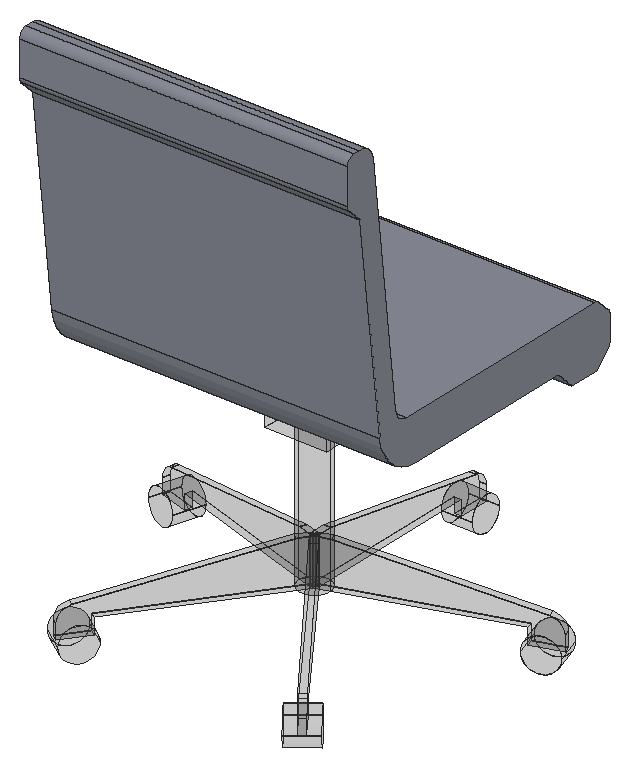
Revit family "21b58d843ba8451499628ccd90ec01f6", category Furniture, Revit 2021
Family settings
  OmniClass Number = 23.40.20.14.14.11
  OmniClass Title = Chairs
  Seek Item ID = Chair-Task-0000-USA-ENU
  Work Plane-Based = No
  Always vertical = Yes
  Cut with Voids When Loaded = No
  Shared = Yes
  Room Calculation Point = No
Parameters (values of type "Chair-Task")
  Default Elevation = 0' - 0"
  Assembly Code = "E2020200"
  Base Material = Plastic, Opaque Black
  Caster Material = Plastic, Opaque Black
  Seat/Back Material = Textile - Slate Blue
Reference planes (in)
  plane 1 "Center (Front/Back)": y = 0.7459
  plane 2: z = 0
  plane 3 "Center (Left/Right)": x = 5.55082
  plane 4: x = 18.05082
  plane 5: x = -6.94918
  plane 6: y = -12.7541
  plane 7: y = 14.2459
  plane 8: z = 35
  plane 9 "Seat": z = 18
  plane 10: y = -9.7541
  plane 11: z = 34
  plane 12: y = 11.2459
  plane 13: y = 10.2459
  plane 14: z = 17
  plane 15: y = -8.7541
  plane 16: z = 31
  plane 17: z = 14
  plane 18: x = 7.55082
  plane 19: x = 3.55082
Forms (in)
  Extrusion 1, solid, material "Textile - Slate Blue" <- "Seat/Back Material"
    sketch origin (-6.94918, 0, 0) x (0, -1, 0) y (0, 0, 1)
      loop
        arc (-10.03977, 18) -> (-10.23034, 17.96226) -> (-10.39214, 17.85473) r 0.5
        line (-10.39214, 17.85473) -> (-11.09827, 17.15331)
        arc (-11.09827, 17.15331) -> (-11.20752, 16.99069) -> (-11.2459, 16.79857) r 0.5
        line (-11.2459, 16.79857) -> (-11.2459, 15.41892)
        arc (-11.2459, 15.41892) -> (-11.17042, 15.03778) -> (-10.95537, 14.71418) r 1
        line (-10.95537, 14.71418) -> (-10.24595, 14) -> (-8.24595, 14) -> (-7.12892, 15.10959) -> (4.21689, 15.10959)
        arc (4.21689, 15.10959) -> (6.21043, 15.86776) -> (7.19634, 17.75907) r 3
        line (7.19634, 17.75907) -> (8.7541, 31) -> (9.60765, 31.85355)
        arc (9.60765, 31.85355) -> (9.71604, 32.01577) -> (9.7541, 32.20711) r 0.5
        line (9.7541, 32.20711) -> (9.7541, 34.5)
        arc (9.7541, 34.5) -> (9.60765, 34.85355) -> (9.2541, 35) r 0.5
        line (9.2541, 35) -> (8.7472, 35)
        arc (8.7472, 35) -> (8.08269, 34.74728) -> (7.75405, 34.11684) r 1
        line (7.75405, 34.11684) -> (5.96185, 18.88316)
        arc (5.96185, 18.88316) -> (5.63322, 18.25272) -> (4.9687, 18) r 1
        line (4.9687, 18) -> (-10.03977, 18)
    from -2 to -23
  Extrusion 2, solid, material "Plastic, Opaque Black" <- "Base Material"
    sketch origin (7.55082, 0, 0) x (0, -1, 0) y (0, 0, 1)
      loop
        line (0.7541, 15.10959) -> (-2.7459, 15.10959) -> (-2.7459, 14.60959) -> (-0.7459, 11.14549) -> (0.7541, 11.14549) -> (0.7541, 15.10959)
    from 0 to 4
  Extrusion 3, solid, material "Plastic, Opaque Black" <- "Base Material"
    sketch origin (5.55082, 0, 0) x (0, 1, 0) y (0, 0, 1)
      loop
        line (0.7459, 2.10959) -> (12.2459, 2.10959) -> (12.2459, 1.10959) -> (14.2459, 1.10959) -> (14.2459, 2.0664)
        arc (14.2459, 2.0664) -> (14.01195, 2.70919) -> (13.41955, 3.05121) r 1
        line (13.41955, 3.05121) -> (1.7459, 5.10959) -> (0.7459, 5.10959) -> (0.7459, 2.10959)
    from 0.25 to -0.25
  Extrusion 4, solid, material "Plastic, Opaque Black" <- "Caster Material"
    sketch origin (5.55082, 0, 0) x (0, 1, 0) y (0, 0, 1)
      loop
        circle (13.2459, 1.10959) r 1.11025
    from 1 to -1
  Extrusion 5, solid, material "Plastic, Opaque Black" <- "Base Material"
    sketch origin (6.26021, 0.51541, 0) x (-0.951057, 0.309017, 0) y (0, 0, 1)
      loop
        line (0.7459, 2.10959) -> (12.2459, 2.10959) -> (12.2459, 1.10959) -> (14.2459, 1.10959) -> (14.2459, 2.0664)
        arc (14.2459, 2.0664) -> (14.01195, 2.70919) -> (13.41955, 3.05121) r 1
        line (13.41955, 3.05121) -> (1.7459, 5.10959) -> (0.7459, 5.10959) -> (0.7459, 2.10959)
    from 0.25 to -0.25
  Extrusion 6, solid, material "Plastic, Opaque Black" <- "Caster Material"
    sketch origin (6.26021, 0.51541, 0) x (-0.951057, 0.309017, 0) y (0, 0, 1)
      loop
        circle (13.2459, 1.10959) r 1.11025
    from 1 to -1
  Extrusion 7, solid, material "Plastic, Opaque Black" <- "Base Material"
    sketch origin (5.98925, 1.34935, 0) x (-0.587785, -0.809017, 0) y (0, 0, 1)
      loop
        line (0.7459, 2.10959) -> (12.2459, 2.10959) -> (12.2459, 1.10959) -> (14.2459, 1.10959) -> (14.2459, 2.0664)
        arc (14.2459, 2.0664) -> (14.01195, 2.70919) -> (13.41955, 3.05121) r 1
        line (13.41955, 3.05121) -> (1.7459, 5.10959) -> (0.7459, 5.10959) -> (0.7459, 2.10959)
    from 0.25 to -0.25
  Extrusion 8, solid, material "Plastic, Opaque Black" <- "Caster Material"
    sketch origin (5.98925, 1.34935, 0) x (-0.587785, -0.809017, 0) y (0, 0, 1)
      loop
        circle (13.2459, 1.10959) r 1.11025
    from 1 to -1
  Extrusion 9, solid, material "Plastic, Opaque Black" <- "Base Material"
    sketch origin (5.11239, 1.34935, 0) x (0.587785, -0.809017, 0) y (0, 0, 1)
      loop
        line (0.7459, 2.10959) -> (12.2459, 2.10959) -> (12.2459, 1.10959) -> (14.2459, 1.10959) -> (14.2459, 2.0664)
        arc (14.2459, 2.0664) -> (14.01195, 2.70919) -> (13.41955, 3.05121) r 1
        line (13.41955, 3.05121) -> (1.7459, 5.10959) -> (0.7459, 5.10959) -> (0.7459, 2.10959)
    from 0.25 to -0.25
  Extrusion 10, solid, material "Plastic, Opaque Black" <- "Caster Material"
    sketch origin (5.11239, 1.34935, 0) x (0.587785, -0.809017, 0) y (0, 0, 1)
      loop
        circle (13.2459, 1.10959) r 1.11025
    from 1 to -1
  Extrusion 11, solid, material "Plastic, Opaque Black" <- "Base Material"
    sketch origin (4.84143, 0.51541, 0) x (0.951057, 0.309017, 0) y (0, 0, 1)
      loop
        line (0.7459, 2.10959) -> (12.2459, 2.10959) -> (12.2459, 1.10959) -> (14.2459, 1.10959) -> (14.2459, 2.0664)
        arc (14.2459, 2.0664) -> (14.01195, 2.70919) -> (13.41955, 3.05121) r 1
        line (13.41955, 3.05121) -> (1.7459, 5.10959) -> (0.7459, 5.10959) -> (0.7459, 2.10959)
    from 0.25 to -0.25
  Extrusion 12, solid, material "Plastic, Opaque Black" <- "Caster Material"
    sketch origin (4.84143, 0.51541, 0) x (0.951057, 0.309017, 0) y (0, 0, 1)
      loop
        circle (13.2459, 1.10959) r 1.11025
    from 1 to -1
  Extrusion 13, solid, material "Plastic, Opaque Black" <- "Base Material"
    sketch origin (0, 0, 0) x (1, 0, 0) y (0, 1, 0)
      loop
        circle (5.55082, 0.7459) r 1
    from 2.10959 to 15.125
Lines and regions (in)
  Masking region 1
    outline origin (0, 0, 18) x (0, -1, 0) y (1, 0, 0)
      loop
        line (-11.09827, -5.19918) -> (8.7541, -5.19918)
        arc (8.7541, -5.19918) -> (9.46121, -4.90629) -> (9.7541, -4.19918) r 1
        line (9.7541, -4.19918) -> (9.7541, 15.30082)
        arc (9.7541, 15.30082) -> (9.46121, 16.00793) -> (8.7541, 16.30082) r 1
        line (8.7541, 16.30082) -> (-11.09827, 16.30082) -> (-11.09827, -5.19918)
  symbolic lines
    curve 1: line (-4.94918, -8.7541, 18) -> (-4.94918, -6.9687, 18)
    curve 2: line (-2.94918, -4.9687, 18) -> (14.05082, -4.9687, 18)
    curve 3: line (16.05082, -8.7541, 18) -> (16.05082, -6.9687, 18)
    curve 4: arc (-2.94918, -4.9687, 18) -> (-4.36339, -5.55449, 18) -> (-4.94918, -6.9687, 18) r 2
    curve 5: arc (14.05082, -4.9687, 18) -> (15.46503, -5.55449, 18) -> (16.05082, -6.9687, 18) r 2
    curve 6: arc (-4.94918, -8.7541, 18) -> (-4.65629, -9.46121, 18) -> (-3.94918, -9.7541, 18) r 1
    curve 7: arc (16.05082, -8.7541, 18) -> (15.75793, -9.46121, 18) -> (15.05082, -9.7541, 18) r 1
Dimensions and locks (in)
  equal spacing: plane 5, plane 3 "Center (Left/Right)", plane 4
  plane 5 to plane 4 = 2' - 1"
  equal spacing: plane 6, plane 1 "Center (Front/Back)", plane 7
  plane 6 to plane 7 = 2' - 3"
Automatic sketch dimensions
  plane 1 "Center (Front/Back)" to curve 2 = 0' - 5.7146"
  curve 2 to curve 5 = 0' - 2"
  plane 4 to Masking region 1 sketch curve = 0' - 1 3/4"
  plane 7 to Masking region 1 sketch curve = 0' - 3.14763"
  Masking region 1 sketch curve to plane 5 = 0' - 1 3/4"
  Masking region 1 sketch curve to plane 6 = 0' - 4"  (x2)
  Masking region 1 sketch curve to Masking region 1 sketch curve = 0' - 1"
  curve 2 to curve 4 = 0' - 2"
  curve 6 to plane 5 = 0' - 2"
  plane 4 to curve 5 = 0' - 4"
  curve 3 to curve 7 = 0' - 1.7854"
  curve 4 to curve 1 = 0' - 1.7854"
  curve 7 to curve 7 = 0' - 1"
  curve 6 to curve 6 = 0' - 1"
